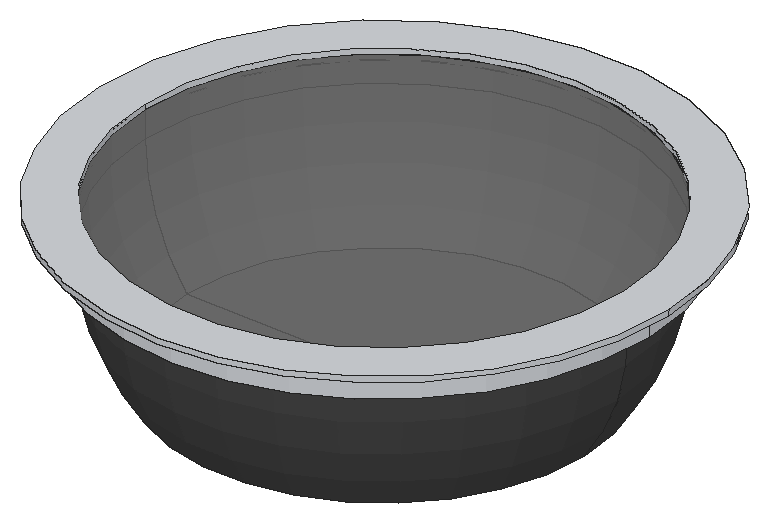
Revit family "3031854 Lighting Fixture_Sylvania_Syl-Lighter II_Ceiling Recessed", category Lighting Fixtures, host Face, Revit 2017
Family settings
  Host = Face
  Round Connector Dimension = Use Diameter
  Part Type = Normal
  OmniClass Number = 23.80.70.11.17
  OmniClass Title = Specialized Lighting by Location or Use
  Cut with Voids When Loaded = No
  Light Source = Yes
  Shared = No
  Room Calculation Point = No
Parameters (values of type "Syl-Lighter LED II 220 RO 21W NW 1-10V")
  Weight = 0.60 kg
  Wattage = 21.8668 W
  built-in parameter 1150110 = 1 (stored number, unit not read)
  Voltage Comments = "UNV (Universal Voltage; 220-240 Volt)"  # constant formula
  Voltage = 240 V  # constant formula
  URL = "http://www.sylvania-lighting.com"
  built-in parameter 1114217 = 1 (stored number, unit not read)
  Tilt Angle = -90.00°  # constant formula
  built-in parameter 1150109 = 1 (stored number, unit not read)
  built-in parameter 1150134 = 12
  Ta Rating = "-10°C to +40°C"  # constant formula
  built-in parameter 1150113 = 1 (stored number, unit not read)
  Recessed Depth = Height  # 60.0 mm
  IP Rating = "IP44"  # constant formula
  IK Rating = "IK07"  # constant formula
  Energy Class = "A++, A+, A"  # constant formula
  Dimmable = "DALI"  # constant formula
  Catalog Number = "3031854 Syl-Lighter LED II 220 RO 21W NW 1-10V"
  Body Material = Metal_Sylvania_Syl-Lighter LED II_Silver
  Product Page URL = "http://www.sylvania-lighting.com/product/en-int/products/3031854"
  Product Family = "SYL-LIGHTER LED II"  # constant formula
  Photometry Comments = ""
  Photometric Web File = "3031854.ies"
  built-in parameter 1150105 = 164.8 (stored number, unit not read)
  Lumens = 2071 lm
  built-in parameter 1150115 = 1 (stored number, unit not read)
  built-in parameter 1150137 = (empty or 0)
  built-in parameter 1150139 = (empty or 0)
  Life = "50 000h"  # constant formula
  built-in parameter 1150112 = 1 (stored number, unit not read)
  built-in parameter 1150114 = 1 (stored number, unit not read)
  Lamp Comments = "Integrated LED"
  built-in parameter 1150132 = 2
  built-in parameter 1150102 = (empty or 0)
  built-in parameter 1150107 = 4000 (stored number, unit not read)
  built-in parameter 1150138 = (empty or 0)
  built-in parameter 1150106 = 1.648 (stored number, unit not read)
  Glow Wire Test = 650 °C  # constant formula
  Emit from Circle Diameter = Diffuser Diameter  # 185.0 mm
  Emit Shape Visible in Rendering = no
  built-in parameter 1150104 = 8.7988 (stored number, unit not read)
  Drive Current = "600mA"
  Dimming Lamp Color Temperature Shift = <None>
  Diffuser Radius = Diffuser Diameter / 2  # 92.5 mm
  Diffuser Diameter = Diameter - 20.0 mm  # 185.0 mm
  Inner Diameter = Diameter - 4.0 mm  # 201.0 mm
  Cutout Diameter = Diameter  # 205.0 mm
  Color Filter = 16777215
  Beam Angle = 74.00°
  built-in parameter 1114218 = 1 (stored number, unit not read)
  built-in parameter 1150133 = 10 (stored number, unit not read)
  Height = 60.0 mm
  Electrical Protection = "CLASS II"  # constant formula
  built-in parameter 1114216 [instance] = 1 (stored number, unit not read)
  Model = "Syl-Lighter LED II 220 RO 21W NW 1-10V"
  Manufacturer = "Feilo Sylvania"  # constant formula
  Lamp = "LED"
  Diffuser Material = Polycarbonate_Sylvania_Syl-Lighter LED II_Opal
  Description = "Ceiling recessed IP44 LED downlight, perfect where limited ceiling void is available with only 60mm product depth and 205mm cutout. Ideal replacement for 1x42W CFL downlights. The polycarbonate diffuser allows for a wider light distribution and increased spacings between luminiares. Loop in loop out connector allows for quick installation. Die-cast aluminium body, 2071LM, 21W, 99lm/W, 4000K, Driver Current: 600mA, CRI80, 74° beam angle, 1-10V dimmable LED driver, IP44, IK07, 50,000 hrs (L70), (HxW) 60x205mm, 5 step MacAdam ellipse, 0.60kg, RAL9003, Class 2, 220-240V, energy class: A++, A+, A"  # constant formula
  Default Elevation = 0.0 mm
  built-in parameter 1140040 [instance] = 1
  Assembly Code = "D5020200"
  Apparent Load Comments = ""
  Apparent Load = 21 VA
  Accessory Radius = Accessory Diameter / 2  # 110.0 mm
  Accessory Material = Aluminum_Sylvania_Syl-Lighter LED II_White_RAL 9003
  Diameter = 205.0 mm
  Accessory Diameter = 220.0 mm
Reference planes
  plane 1 "Center (Front/Back)": y = 0
  plane 2: z = 0
  plane 3 "Center (Left/Right)": x = 0
  plane 4 "Fixture Bottom": z = 2
  plane 5: z = -10
  plane 6 "Fixture Top": z = -60
  plane 7: z = -2
Forms (mm)
  Extrusion 1, void
    sketch origin (0, 0, 58) x (-1, 0, 0) y (0, -1, 0)
      loop
        circle (0, 0) r 102.5
    from -171 to -55
  Extrusion 2, solid, detail levels fine
    sketch origin (0, 0, 58) x (-1, 0, 0) y (0, -1, 0)
      loop
        circle (0, 0) r 102.5
      loop
        circle (0, 0) r 100.5
    from -68 to -58
  Extrusion 3, solid, detail levels fine
    sketch origin (0, 0, 58) x (-1, 0, 0) y (0, -1, 0)
      loop
        circle (0, 0) r 110
      loop
        circle (0, 0) r 92.5
    from -58 to -56
  Extrusion 4, solid, material "Polycarbonate_Sylvania_Syl-Lighter LED II_Opal" <- "Diffuser Material", detail levels fine
    sketch origin (0, 0, 58) x (-1, 0, 0) y (0, -1, 0)
      loop
        circle (0, 0) r 92.5
    from -60 to -58
  Revolve 5, solid, material "Metal_Sylvania_Syl-Lighter LED II_Silver" <- "Body Material", detail levels fine
    sketch origin (0, 0, 0) x (1, 0, 0) y (0, 0, 1)
      loop
        line (-92.5, 0) -> (-94.5, 0) -> (-94.5, -10)
        arc (-94.5, -10) -> (-90.134, -36.405) -> (-77.5, -60) r 82.029
        line (-77.5, -60) -> (0, -60) -> (0, -58) -> (-76.507, -58)
        arc (-76.507, -58) -> (-88.397, -35.297) -> (-92.5, -10) r 80.029
        line (-92.5, -10) -> (-92.5, 0)
      axis (0, -60) -> (0, 0)
    angle from 0 to 360
  Revolve 6, solid, material "Aluminum_Sylvania_Syl-Lighter LED II_White_RAL 9003" <- "Accessory Material", detail levels coarse+medium
    sketch origin (0, 0, 0) x (1, 0, 0) y (0, 0, 1)
      loop
        line (-110, 2) -> (-110, 0) -> (-102.5, 0) -> (-102.5, -10) -> (-94.5, -10)
        arc (-94.5, -10) -> (-90.134, -36.405) -> (-77.5, -60) r 82.029
        line (-77.5, -60) -> (0, -60) -> (0, 2) -> (-110, 2)
      axis (0, 2) -> (0, -60)
    angle from 0 to 360
Cuts and joins
  joined: Extrusion 2, Extrusion 3
Lines and regions (mm)
  Masking region 1
    outline origin (0, 0, 58) x (-1, 0, 0) y (0, -1, 0)
      loop
        circle (0, 0) r 110
  symbolic lines, detail levels fine
    curve 1: arc (-92.5, 0, 58) -> (0, 92.5, 58) -> (92.5, 0, 58) r 92.5
    curve 2: arc (92.5, 0, 58) -> (0, -92.5, 58) -> (-92.5, 0, 58) r 92.5
Dimensions and locks
  locked: plane 4 "Fixture Bottom" to plane 2 at 2
  locked: plane 2 to plane 5 at 10
  "Height": plane 2 to plane 6 "Fixture Top"
  locked: plane 2 to plane 7 at 2
  "Diffuser Radius": plane 3 "Center (Left/Right)" to Revolve 5 sketch curve
  locked: Revolve 5 sketch curve to Revolve 5 sketch curve at 2
  locked: Revolve 5 sketch curve to Revolve 5 sketch curve at 15
  "Accessory Radius": plane 3 "Center (Left/Right)" to Revolve 6 sketch curve
  Revolve 6 sketch curve to Revolve 6 sketch curve to Revolve 6 sketch curve to Revolve 6 sketch curve = 7.5 mm locked, 8.0 mm locked, 17.0 mm locked
  "Cutout Diameter": diameter of Extrusion 1 sketch curve
  "Diameter": diameter of Extrusion 2 sketch curve
  "Inner Diameter": diameter of Extrusion 2 sketch curve
  "Accessory Diameter": diameter of Extrusion 3 sketch curve
  "Diffuser Diameter": diameter of Extrusion 3 sketch curve
  "Diffuser Diameter": diameter of Extrusion 4 sketch curve
  "Accessory Diameter": diameter of Masking region 1 sketch curve
  aligned and locked: host face to plane 2
  aligned and locked: host face to level
  aligned and locked: plane 4 "Fixture Bottom" to Extrusion 3
  aligned and locked: Extrusion 3 to plane 2
  aligned and locked: Extrusion 2 to plane 5
  aligned and locked: plane 2 to Extrusion 2
  aligned and locked: Extrusion 4 to plane 7
  aligned and locked: plane 2 to Extrusion 4
  aligned and locked: Revolve 5 sketch curve to plane 2
  aligned and locked: plane 5 to Revolve 5 sketch curve  (x2)
  aligned and locked: Revolve 5 sketch curve to plane 3 "Center (Left/Right)"
  aligned and locked: plane 3 "Center (Left/Right)" to Revolve 5 sketch curve
  aligned and locked: Revolve 6 sketch curve to plane 5
  aligned and locked: Revolve 6 sketch curve to plane 2
  aligned and locked: Revolve 6 sketch curve to plane 4 "Fixture Bottom"
  aligned and locked: plane 3 "Center (Left/Right)" to Revolve 6 sketch curve
  aligned and locked: Revolve 6 sketch curve to plane 3 "Center (Left/Right)"
  aligned and locked: plane 3 "Center (Left/Right)" to imposter light
  aligned and locked: imposter light to plane 1 "Center (Front/Back)"
  aligned and locked: imposter light to plane 4 "Fixture Bottom"
  aligned and locked: curve 1 to cut or joined group of Extrusion 2, Extrusion 3
Automatic sketch dimensions
  host sketch curve to host sketch curve = 700.0 mm
  host sketch curve to host sketch curve = 620.0 mm
  plane 1 "Center (Front/Back)" to Extrusion 1 sketch curve = 0.0 mm
  Extrusion 1 sketch curve to plane 3 "Center (Left/Right)" = 0.0 mm
  Extrusion 2 sketch curve to Extrusion 2 sketch curve = 0.0 mm  (x2)
  plane 1 "Center (Front/Back)" to Extrusion 2 sketch curve = 0.0 mm
  Extrusion 2 sketch curve to plane 3 "Center (Left/Right)" = 0.0 mm
  Extrusion 3 sketch curve to Extrusion 3 sketch curve = 0.0 mm  (x2)
  plane 1 "Center (Front/Back)" to Extrusion 3 sketch curve = 0.0 mm
  Extrusion 3 sketch curve to plane 3 "Center (Left/Right)" = 0.0 mm
  plane 1 "Center (Front/Back)" to Extrusion 4 sketch curve = 0.0 mm
  Extrusion 4 sketch curve to plane 3 "Center (Left/Right)" = 0.0 mm
  Revolve 5 sketch curve to Revolve 5 sketch curve = 0.0 mm
  Revolve 5 sketch curve to plane 6 "Fixture Top" = 0.0 mm
  plane 6 "Fixture Top" to Revolve 5 sketch curve = 2.0 mm
  Revolve 5 sketch curve to Revolve 5 sketch curve = 17.111 mm
  plane 4 "Fixture Bottom" to Revolve 5 sketch curve = 20.889 mm
  Revolve 6 sketch curve to plane 6 "Fixture Top" = 0.0 mm
  Revolve 6 sketch curve to plane 6 "Fixture Top" = 63.885 mm
  Revolve 6 sketch curve to Revolve 6 sketch curve = 84.115 mm
  plane 1 "Center (Front/Back)" to Masking region 1 sketch curve = 0.0 mm
  Masking region 1 sketch curve to plane 3 "Center (Left/Right)" = 0.0 mm
Connectors
  electrical at (0, 0, -60), driven by "Apparent Load", driven by "Voltage"
    settings: on Revolve 5, index 1, voltage 240 V, apparent load 0 VA, apparent load phase1 21 VA, apparent load phase2 0 VA, apparent load phase3 0 VA, power factor 1, load classification "Lighting", number of poles 1, system type 31, power factor state 1, is connector primary yes, connector utility no, sub classification motor no, connector description ""
